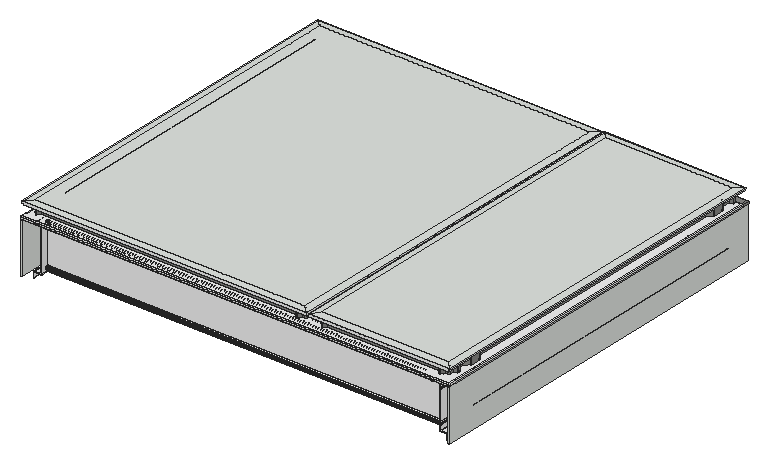
Revit family "Furniture-Mirror_Cabinet-KOHLER-ELOSIS-K-15033T", category Casework, host Face, Revit 2021
Family settings
  Host = Face
  OmniClass Number = 23.21.23.17.11
  OmniClass Title = Residential Cabinet
  Cut with Voids When Loaded = No
  Shared = No
  Room Calculation Point = No
Parameters (values of type "NA-Mild Silver")
  Width = 30"  # constant formula
  WaterSense Certified = 1 = 0  # no
  URL = "http://www.kohler.com.cn/"
  Type = 1
  Product Page URL = "https://www.kohler.com.cn/product/K-15033T-NA/K-15033T-NA/"
  Product Name = "ELOSIS"  # constant formula
  Product Documentation Link = "https://files.kohler.com.cn/pdfs/k_15033t.pdf"
  Model = if(Type = 1, "K-15033T-NA", "NA")  # "K-15033T-NA"
  Material = "Aluminium"  # constant formula
  Master Format 2014 Name = "Bathroom Casework"  # constant formula
  Master Format 2014 = "12 35 30.23"  # constant formula
  Manufacturer Address = "Kohler Beijing Office (100016) 36-2-03-B, No. 88, Liuxiang Road, Beijing"  # constant formula
  Manufacturer = "Kohler Co."  # constant formula
  Product Finish = KOHLER-Metal-NA-Mild_Silver
  Height = 26 9/64"  # constant formula
  Hardware Included = 0 = 1  # no
  Finish = "KOHLER-Metal-NA-Mild_Silver"
  Environmental Product Declaration = ""
  Description = "Mirror Cabinet 762mm"  # constant formula
  Depth = 4 13/16"  # constant formula
  Default Elevation = 60"
  Declare Label = ""
  Date Modified = "07/26/2022"  # constant formula
  Date Created = "07/26/2022"  # constant formula
  Copyright = "Copyright Kohler Co."  # constant formula
  Contact Us = "https://www.us.kohler.com/us/static/contact.jsp"
  Construction Type = "Wall Mount"  # constant formula
  Assembly Code = "E2010.30"
  ADA Compliant = 1 = 0  # no
Reference planes (in)
  plane 1 "Center (Front/Back)": y = 0
  plane 2: z = 0
  plane 3 "Center (Left/Right)": x = 0
  plane 4: y = 13.07087
  plane 5: y = -13.06976
  plane 6: x = 14.99985
  plane 7: x = -15.00015
  plane 8: x = 5.05906
  plane 9: x = 4.90144
  plane 10: x = -14.98031
  plane 11: x = 14.94094
  plane 12: z = 4.8125
  plane 13: z = 3.91089
  plane 14: z = 0.17077
  plane 15: z = 0.12996
Dimensions and locks (in)
  "Width": plane 7 to plane 6
  "Height": plane 5 to plane 4
  plane 7 to plane 9 = 19.9016"
  plane 8 to plane 6 = 9.94079"
  plane 10 to plane 11 = 29.92126"
  plane 12 to host face = 4 13/16"
  plane 12 to plane 14 = 4.64173"
  "Depth": plane 12 to level
  aligned and locked: plane 2 to host face
  aligned and locked: level to host face
Automatic sketch dimensions
  host sketch curve to host sketch curve = 96"  (x2)
Nested families (in)
  nested 1: "K-15033T" at (0, 0, 0), type "K-15033T"
Definition of nested family "K-15033T"
  Parameters
    Material = none
    Default Elevation = 0"
  Reference planes (in)
    plane 1 "Center (Front/Back)": y = 0
    plane 2: z = 0
    plane 3 "Center (Left/Right)": x = 0
    plane 4: y = 13.07087
    plane 5: y = -13.07089
    plane 6: x = 14.99985
    plane 7: x = -15
    plane 8: z = 4.81246
    plane 9: x = 4.9016
    plane 10: x = 5.05906
    plane 11: z = 0.17073
  Forms (in)
    Extrusion 1, solid, detail levels medium+fine
      sketch origin (0, 0, 0) x (1, 0, 0) y (0, 0, 1)
        loop
          line (-15.00394, 3.69435) -> (-15.00394, 0.15104)
          arc (-15.00394, 0.15104) -> (-14.94488, 0.13081) -> (-14.88583, 0.15104) r 0.09631
          line (-14.88583, 0.15104) -> (-14.88583, 3.69435)
          arc (-14.88583, 3.69435) -> (-14.94488, 3.71404) -> (-15.00394, 3.69435) r 0.09842
        loop
          arc (15.00393, 3.69435) -> (14.94488, 3.71404) -> (14.88582, 3.69435) r 0.09842
          line (14.88582, 3.69435) -> (14.88582, 0.15104)
          arc (14.88582, 0.15104) -> (14.94488, 0.13081) -> (15.00393, 0.15104) r 0.09631
          line (15.00393, 0.15104) -> (15.00393, 3.69435)
      from -13.0315 to 13.0315
    Extrusion 2, solid, material <- "Material", detail levels medium+fine
      sketch origin (0, 0, 0) x (1, 0, 0) y (0, 0, 1)
        loop
          line (-13.93701, 3.91089) -> (-14.94252, 3.91089)
          arc (-14.94252, 3.91089) -> (-14.98316, 3.89405) -> (-15, 3.8534) r 0.05748
          line (-15, 3.8534) -> (-15, 3.73518)
          arc (-15, 3.73518) -> (-14.99381, 3.72023) -> (-14.97886, 3.71404) r 0.02114
          line (-14.97886, 3.71404) -> (-14.89885, 3.71404)
          arc (-14.89885, 3.71404) -> (-14.8772, 3.73569) -> (-14.89885, 3.75734) r 0.02165
          line (-14.89885, 3.75734) -> (-14.93105, 3.75734)
          arc (-14.93105, 3.75734) -> (-14.9464, 3.7637) -> (-14.95276, 3.77905) r 0.0217
          line (-14.95276, 3.77905) -> (-14.95276, 3.84667)
          arc (-14.95276, 3.84667) -> (-14.94663, 3.86145) -> (-14.93184, 3.86758) r 0.02091
          line (-14.93184, 3.86758) -> (-14.00441, 3.86758)
          arc (-14.00441, 3.86758) -> (-13.99016, 3.86168) -> (-13.98425, 3.84743) r 0.02015
          line (-13.98425, 3.84743) -> (-13.98425, 3.255)
          arc (-13.98425, 3.255) -> (-13.99574, 3.24465) -> (-14, 3.22978) r 0.02806
          line (-14, 3.22978) -> (-14, 3.14317) -> (-13.97569, 3.12349) -> (-14, 3.1038) -> (-14, 3.01719)
          arc (-14, 3.01719) -> (-13.99635, 3.00228) -> (-13.98622, 2.99076) r 0.03223
          line (-13.98622, 2.99076) -> (-13.98622, 1.01282)
          arc (-13.98622, 1.01282) -> (-13.99636, 1.00091) -> (-14, 0.98569) r 0.0336
          line (-14, 0.98569) -> (-14, 0.89908) -> (-13.97517, 0.87967) -> (-14, 0.85971) -> (-14, 0.77309)
          arc (-14, 0.77309) -> (-13.99576, 0.7578) -> (-13.98425, 0.74687) r 0.0297
          line (-13.98425, 0.74687) -> (-13.98425, 0.43607)
          arc (-13.98425, 0.43607) -> (-13.99047, 0.42105) -> (-14.0055, 0.41482) r 0.02125
          line (-14.0055, 0.41482) -> (-14.46856, 0.41482)
          arc (-14.46856, 0.41482) -> (-14.48244, 0.40908) -> (-14.48819, 0.3952) r 0.01963
          line (-14.48819, 0.3952) -> (-14.48819, 0.02472)
          arc (-14.48819, 0.02472) -> (-14.46457, 0.0011) -> (-14.44094, 0.02472) r 0.02362
          line (-14.44094, 0.02472) -> (-14.44094, 0.34771)
          arc (-14.44094, 0.34771) -> (-14.43512, 0.36176) -> (-14.42107, 0.36758) r 0.01987
          line (-14.42107, 0.36758) -> (-13.95745, 0.36758)
          arc (-13.95745, 0.36758) -> (-13.943, 0.37357) -> (-13.93701, 0.38802) r 0.02044
          line (-13.93701, 0.38802) -> (-13.93701, 3.91089)
        loop
          line (13.93701, 3.91089) -> (13.93701, 0.38802)
          arc (13.93701, 0.38802) -> (13.943, 0.37357) -> (13.95745, 0.36758) r 0.02044
          line (13.95745, 0.36758) -> (14.42107, 0.36758)
          arc (14.42107, 0.36758) -> (14.43512, 0.36176) -> (14.44094, 0.34771) r 0.01987
          line (14.44094, 0.34771) -> (14.44094, 0.02472)
          arc (14.44094, 0.02472) -> (14.46457, 0.0011) -> (14.48819, 0.02472) r 0.02362
          line (14.48819, 0.02472) -> (14.48819, 0.3952)
          arc (14.48819, 0.3952) -> (14.48244, 0.40908) -> (14.46856, 0.41482) r 0.01963
          line (14.46856, 0.41482) -> (14.0055, 0.41482)
          arc (14.0055, 0.41482) -> (13.99047, 0.42105) -> (13.98425, 0.43607) r 0.02125
          line (13.98425, 0.43607) -> (13.98425, 0.74687)
          arc (13.98425, 0.74687) -> (13.99576, 0.7578) -> (14, 0.77309) r 0.0297
          line (14, 0.77309) -> (14, 0.85971) -> (13.97517, 0.87967) -> (14, 0.89908) -> (14, 0.98569)
          arc (14, 0.98569) -> (13.99636, 1.00091) -> (13.98622, 1.01282) r 0.0336
          line (13.98622, 1.01282) -> (13.98622, 2.99076)
          arc (13.98622, 2.99076) -> (13.99635, 3.00228) -> (14, 3.01719) r 0.03223
          line (14, 3.01719) -> (14, 3.1038) -> (13.97569, 3.12349) -> (14, 3.14317) -> (14, 3.22978)
          arc (14, 3.22978) -> (13.99574, 3.24465) -> (13.98425, 3.255) r 0.02806
          line (13.98425, 3.255) -> (13.98425, 3.84743)
          arc (13.98425, 3.84743) -> (13.99016, 3.86168) -> (14.00441, 3.86758) r 0.02015
          line (14.00441, 3.86758) -> (14.93184, 3.86758)
          arc (14.93184, 3.86758) -> (14.94663, 3.86145) -> (14.95276, 3.84667) r 0.02091
          line (14.95276, 3.84667) -> (14.95276, 3.77905)
          arc (14.95276, 3.77905) -> (14.9464, 3.7637) -> (14.93105, 3.75734) r 0.0217
          line (14.93105, 3.75734) -> (14.89885, 3.75734)
          arc (14.89885, 3.75734) -> (14.8772, 3.73569) -> (14.89885, 3.71404) r 0.02165
          line (14.89885, 3.71404) -> (14.97886, 3.71404)
          arc (14.97886, 3.71404) -> (14.99381, 3.72023) -> (15, 3.73518) r 0.02114
          line (15, 3.73518) -> (15, 3.8534)
          arc (15, 3.8534) -> (14.98316, 3.89405) -> (14.94252, 3.91089) r 0.05748
          line (14.94252, 3.91089) -> (13.93701, 3.91089)
      from -12.55906 to 12.55906
    Blend 3, solid
      base sketch origin (0, 0, 0) x (1, 0, 0) y (0, 1, 0)
        loop
          line (4.90157, 12.93307) -> (-14.98031, 12.93307) -> (-14.98031, -12.93307) -> (4.90157, -12.93307) -> (4.90157, 12.93307)
      top sketch origin (0, 0, 0) x (1, 0, 0) y (0, 1, 0)
        loop
          line (-14.48819, 12.44094) -> (-14.48819, -12.44094) -> (4.39961, -12.44094) -> (4.39961, 12.44094) -> (-14.48819, 12.44094)
      from 4.77309 to 4.81246
    Blend 4, solid
      base sketch origin (0, 0, 0) x (1, 0, 0) y (0, 1, 0)
        loop
          line (14.94094, 12.93307) -> (5.05906, 12.93307) -> (5.05906, -12.93307) -> (14.94094, -12.93307) -> (14.94094, 12.93307)
      top sketch origin (0, 0, 0) x (1, 0, 0) y (0, 1, 0)
        loop
          line (14.44094, -12.44094) -> (14.44094, 12.44094) -> (5.55118, 12.44094) -> (5.55118, -12.44094) -> (14.44094, -12.44094)
      from 4.77309 to 4.80852
    Extrusion 5, solid, material <- "Material", detail levels medium+fine
      sketch origin (0, 0, 0) x (1, 0, 0) y (0, 1, 0)
        loop
          line (-14.98031, 12.93307) -> (-14.98031, -12.93307) -> (4.90157, -12.93307) -> (4.90157, 12.93307) -> (-14.98031, 12.93307)
        loop
          line (5.05906, -12.93307) -> (14.94094, -12.93307) -> (14.94094, 12.93307) -> (5.05906, 12.93307) -> (5.05906, -12.93307)
      from 4.69435 to 4.77309
    Extrusion 6, solid, material <- "Material", detail levels medium+fine
      sketch origin (0, 0, 0) x (1, 0, 0) y (0, 1, 0)
        loop
          line (14.04542, 9.43449) -> (14.85961, 10.22075)
          arc (14.85961, 10.22075) -> (14.879, 10.24896) -> (14.88582, 10.28249) r 0.08584
          line (14.88582, 10.28249) -> (14.88582, 10.95472) -> (14.85433, 10.95472) -> (14.85433, 10.27867)
          arc (14.85433, 10.27867) -> (14.85073, 10.26096) -> (14.84049, 10.24607) r 0.04532
          line (14.84049, 10.24607) -> (14.02146, 9.45514)
          arc (14.02146, 9.45514) -> (14.00559, 9.43204) -> (14, 9.40458) r 0.0703
          line (14, 9.40458) -> (14, 9.17314)
          arc (14, 9.17314) -> (14.0062, 9.15816) -> (14.02118, 9.15196) r 0.02118
          line (14.02118, 9.15196) -> (14.07874, 9.15196) -> (14.07874, 9.18508) -> (14.0315, 9.18508) -> (14.0315, 9.40169)
          arc (14.0315, 9.40169) -> (14.03512, 9.41951) -> (14.04542, 9.43449) r 0.04559
        loop
          line (14.0315, 8.78889) -> (14.0315, 9.00409) -> (14.07874, 9.00409) -> (14.07874, 9.03718) -> (14.02224, 9.03718)
          arc (14.02224, 9.03718) -> (14.00651, 9.03067) -> (14, 9.01494) r 0.02224
          line (14, 9.01494) -> (14, 8.78915)
          arc (14, 8.78915) -> (14.00649, 8.75725) -> (14.02493, 8.73042) r 0.08165
          line (14.02493, 8.73042) -> (14.84022, 7.9431)
          arc (14.84022, 7.9431) -> (14.85066, 7.92792) -> (14.85433, 7.90987) r 0.0462
          line (14.85433, 7.90987) -> (14.85433, 7.23425) -> (14.88582, 7.23425) -> (14.88582, 7.91266)
          arc (14.88582, 7.91266) -> (14.88016, 7.94051) -> (14.86406, 7.96394) r 0.07128
          line (14.86406, 7.96394) -> (14.04657, 8.75337)
          arc (14.04657, 8.75337) -> (14.03542, 8.7696) -> (14.0315, 8.78889) r 0.04937
        loop
          arc (14.04542, -9.43449) -> (14.03512, -9.41951) -> (14.0315, -9.40169) r 0.04559
          line (14.0315, -9.40169) -> (14.0315, -9.18508) -> (14.07874, -9.18508) -> (14.07874, -9.15196) -> (14.02118, -9.15196)
          arc (14.02118, -9.15196) -> (14.0062, -9.15816) -> (14, -9.17314) r 0.02118
          line (14, -9.17314) -> (14, -9.40458)
          arc (14, -9.40458) -> (14.00559, -9.43204) -> (14.02146, -9.45514) r 0.0703
          line (14.02146, -9.45514) -> (14.84049, -10.24607)
          arc (14.84049, -10.24607) -> (14.85073, -10.26096) -> (14.85433, -10.27867) r 0.04532
          line (14.85433, -10.27867) -> (14.85433, -10.95472) -> (14.88582, -10.95472) -> (14.88582, -10.28249)
          arc (14.88582, -10.28249) -> (14.879, -10.24896) -> (14.85961, -10.22075) r 0.08584
          line (14.85961, -10.22075) -> (14.04542, -9.43449)
        loop
          arc (14.0315, -8.78889) -> (14.03542, -8.7696) -> (14.04657, -8.75337) r 0.04937
          line (14.04657, -8.75337) -> (14.86406, -7.96394)
          arc (14.86406, -7.96394) -> (14.88016, -7.94051) -> (14.88582, -7.91266) r 0.07128
          line (14.88582, -7.91266) -> (14.88582, -7.23425) -> (14.85433, -7.23425) -> (14.85433, -7.90987)
          arc (14.85433, -7.90987) -> (14.85066, -7.92792) -> (14.84022, -7.9431) r 0.0462
          line (14.84022, -7.9431) -> (14.02493, -8.73042)
          arc (14.02493, -8.73042) -> (14.00649, -8.75725) -> (14, -8.78915) r 0.08165
          line (14, -8.78915) -> (14, -9.01494)
          arc (14, -9.01494) -> (14.00651, -9.03067) -> (14.02224, -9.03718) r 0.02224
          line (14.02224, -9.03718) -> (14.07874, -9.03718) -> (14.07874, -9.00409) -> (14.0315, -9.00409) -> (14.0315, -8.78889)
        loop
          arc (-14.04542, 9.43449) -> (-14.03512, 9.41951) -> (-14.0315, 9.40169) r 0.04559
          line (-14.0315, 9.40169) -> (-14.0315, 9.18508) -> (-14.07874, 9.18508) -> (-14.07874, 9.15196) -> (-14.02118, 9.15196)
          arc (-14.02118, 9.15196) -> (-14.00621, 9.15816) -> (-14, 9.17314) r 0.02118
          line (-14, 9.17314) -> (-14, 9.40458)
          arc (-14, 9.40458) -> (-14.00559, 9.43204) -> (-14.02147, 9.45514) r 0.0703
          line (-14.02147, 9.45514) -> (-14.8405, 10.24607)
          arc (-14.8405, 10.24607) -> (-14.85073, 10.26096) -> (-14.85433, 10.27867) r 0.04532
          line (-14.85433, 10.27867) -> (-14.85433, 10.95472) -> (-14.88583, 10.95472) -> (-14.88583, 10.28249)
          arc (-14.88583, 10.28249) -> (-14.879, 10.24896) -> (-14.85962, 10.22075) r 0.08584
          line (-14.85962, 10.22075) -> (-14.04542, 9.43449)
        loop
          arc (-14.0315, 8.78889) -> (-14.03542, 8.7696) -> (-14.04657, 8.75337) r 0.04937
          line (-14.04657, 8.75337) -> (-14.86406, 7.96394)
          arc (-14.86406, 7.96394) -> (-14.88016, 7.94051) -> (-14.88583, 7.91266) r 0.07128
          line (-14.88583, 7.91266) -> (-14.88583, 7.23425) -> (-14.85433, 7.23425) -> (-14.85433, 7.90987)
          arc (-14.85433, 7.90987) -> (-14.85066, 7.92792) -> (-14.84023, 7.9431) r 0.0462
          line (-14.84023, 7.9431) -> (-14.02493, 8.73042)
          arc (-14.02493, 8.73042) -> (-14.00649, 8.75725) -> (-14, 8.78915) r 0.08165
          line (-14, 8.78915) -> (-14, 9.01494)
          arc (-14, 9.01494) -> (-14.00652, 9.03067) -> (-14.02225, 9.03718) r 0.02224
          line (-14.02225, 9.03718) -> (-14.07874, 9.03718) -> (-14.07874, 9.00409) -> (-14.0315, 9.00409) -> (-14.0315, 8.78889)
        loop
          line (-14.04542, -9.43449) -> (-14.85962, -10.22075)
          arc (-14.85962, -10.22075) -> (-14.879, -10.24896) -> (-14.88583, -10.28249) r 0.08584
          line (-14.88583, -10.28249) -> (-14.88583, -10.95472) -> (-14.85433, -10.95472) -> (-14.85433, -10.27867)
          arc (-14.85433, -10.27867) -> (-14.85073, -10.26096) -> (-14.8405, -10.24607) r 0.04532
          line (-14.8405, -10.24607) -> (-14.02147, -9.45514)
          arc (-14.02147, -9.45514) -> (-14.00559, -9.43204) -> (-14, -9.40458) r 0.0703
          line (-14, -9.40458) -> (-14, -9.17314)
          arc (-14, -9.17314) -> (-14.00621, -9.15816) -> (-14.02118, -9.15196) r 0.02118
          line (-14.02118, -9.15196) -> (-14.07874, -9.15196) -> (-14.07874, -9.18508) -> (-14.0315, -9.18508) -> (-14.0315, -9.40169)
          arc (-14.0315, -9.40169) -> (-14.03512, -9.41951) -> (-14.04542, -9.43449) r 0.04559
        loop
          line (-14.0315, -8.78889) -> (-14.0315, -9.00409) -> (-14.07874, -9.00409) -> (-14.07874, -9.03718) -> (-14.02225, -9.03718)
          arc (-14.02225, -9.03718) -> (-14.00652, -9.03067) -> (-14, -9.01494) r 0.02224
          line (-14, -9.01494) -> (-14, -8.78915)
          arc (-14, -8.78915) -> (-14.00649, -8.75725) -> (-14.02493, -8.73042) r 0.08165
          line (-14.02493, -8.73042) -> (-14.84023, -7.9431)
          arc (-14.84023, -7.9431) -> (-14.85066, -7.92792) -> (-14.85433, -7.90987) r 0.0462
          line (-14.85433, -7.90987) -> (-14.85433, -7.23425) -> (-14.88583, -7.23425) -> (-14.88583, -7.91266)
          arc (-14.88583, -7.91266) -> (-14.88016, -7.94051) -> (-14.86406, -7.96394) r 0.07128
          line (-14.86406, -7.96394) -> (-14.04657, -8.75337)
          arc (-14.04657, -8.75337) -> (-14.03542, -8.7696) -> (-14.0315, -8.78889) r 0.04937
      from 0.85971 to 3.86758
    Extrusion 7, solid, material <- "Material", detail levels medium+fine
      sketch origin (0, 0, 0) x (1, 0, 0) y (0, 1, 0)
        loop
          line (14.38189, 11.29921) -> (-14.27953, 11.29921) -> (-14.27953, -11.29921) -> (14.38189, -11.29921) -> (14.38189, 11.29921)
      from 0.24947 to 0.41482
    Extrusion 8, solid, material <- "Material", detail levels medium+fine
      sketch origin (0, 0, 0) x (0, 1, 0) y (0, 0, 1)
        loop
          line (12.00787, 3.8333) -> (12.00787, 0.53382)
          arc (12.00787, 0.53382) -> (11.97302, 0.44968) -> (11.88888, 0.41482) r 0.11899
          line (11.88888, 0.41482) -> (10.89746, 0.41482)
          arc (10.89746, 0.41482) -> (10.87384, 0.3912) -> (10.89746, 0.36758) r 0.02362
          line (10.89746, 0.36758) -> (12.0354, 0.36758)
          arc (12.0354, 0.36758) -> (12.04934, 0.37335) -> (12.05512, 0.3873) r 0.01972
          line (12.05512, 0.3873) -> (12.05512, 0.51673)
          arc (12.05512, 0.51673) -> (12.06178, 0.53015) -> (12.0765, 0.53294) r 0.01683
          arc (12.0765, 0.53294) -> (12.1333, 0.5319) -> (12.18336, 0.55877) r 0.11244
          arc (12.18336, 0.55877) -> (12.1857, 0.60126) -> (12.14332, 0.60509) r 0.03063
          arc (12.14332, 0.60509) -> (12.04724, 0.65153) -> (12.144, 0.69652) r 0.05905
          arc (12.144, 0.69652) -> (12.18653, 0.69969) -> (12.1849, 0.74231) r 0.03072
          arc (12.1849, 0.74231) -> (12.13443, 0.77014) -> (12.0768, 0.7691) r 0.11166
          arc (12.0768, 0.7691) -> (12.06189, 0.77187) -> (12.05512, 0.78544) r 0.017
          line (12.05512, 0.78544) -> (12.05512, 3.3823)
          arc (12.05512, 3.3823) -> (12.06195, 3.39602) -> (12.07702, 3.39884) r 0.0172
          arc (12.07702, 3.39884) -> (12.13454, 3.39789) -> (12.1849, 3.42569) r 0.11166
          arc (12.1849, 3.42569) -> (12.18653, 3.46831) -> (12.144, 3.47149) r 0.03072
          arc (12.144, 3.47149) -> (12.04724, 3.51648) -> (12.14332, 3.56292) r 0.05905
          arc (12.14332, 3.56292) -> (12.1857, 3.56674) -> (12.18336, 3.60924) r 0.03063
          arc (12.18336, 3.60924) -> (12.13386, 3.63597) -> (12.07761, 3.63537) r 0.11244
          arc (12.07761, 3.63537) -> (12.06211, 3.63844) -> (12.05512, 3.65261) r 0.01785
          line (12.05512, 3.65261) -> (12.05512, 3.83296)
          arc (12.05512, 3.83296) -> (12.0641, 3.85466) -> (12.0858, 3.86364) r 0.03068
          line (12.0858, 3.86364) -> (13.00368, 3.86364)
          arc (13.00368, 3.86364) -> (13.01778, 3.8578) -> (13.02362, 3.8437) r 0.01994
          line (13.02362, 3.8437) -> (13.02362, 3.76796) -> (12.97679, 3.76796) -> (12.97679, 3.73479)
          arc (12.97679, 3.73479) -> (12.98287, 3.72011) -> (12.99754, 3.71404) r 0.02075
          line (12.99754, 3.71404) -> (13.05004, 3.71404)
          arc (13.05004, 3.71404) -> (13.06476, 3.72014) -> (13.07087, 3.73487) r 0.02083
          line (13.07087, 3.73487) -> (13.07087, 3.85229)
          arc (13.07087, 3.85229) -> (13.0537, 3.89372) -> (13.01227, 3.91089) r 0.0586
          line (13.01227, 3.91089) -> (12.08546, 3.91089)
          arc (12.08546, 3.91089) -> (12.0306, 3.88816) -> (12.00787, 3.8333) r 0.07759
        loop
          arc (-12.00787, 3.8333) -> (-12.0306, 3.88816) -> (-12.08546, 3.91089) r 0.07759
          line (-12.08546, 3.91089) -> (-13.01227, 3.91089)
          arc (-13.01227, 3.91089) -> (-13.0537, 3.89372) -> (-13.07087, 3.85229) r 0.0586
          line (-13.07087, 3.85229) -> (-13.07087, 3.73487)
          arc (-13.07087, 3.73487) -> (-13.06476, 3.72014) -> (-13.05004, 3.71404) r 0.02083
          line (-13.05004, 3.71404) -> (-12.99754, 3.71404)
          arc (-12.99754, 3.71404) -> (-12.98287, 3.72011) -> (-12.97679, 3.73479) r 0.02075
          line (-12.97679, 3.73479) -> (-12.97679, 3.76796) -> (-13.02362, 3.76796) -> (-13.02362, 3.8437)
          arc (-13.02362, 3.8437) -> (-13.01778, 3.8578) -> (-13.00368, 3.86364) r 0.01994
          line (-13.00368, 3.86364) -> (-12.0858, 3.86364)
          arc (-12.0858, 3.86364) -> (-12.0641, 3.85466) -> (-12.05512, 3.83296) r 0.03068
          line (-12.05512, 3.83296) -> (-12.05512, 3.65261)
          arc (-12.05512, 3.65261) -> (-12.06211, 3.63844) -> (-12.07761, 3.63537) r 0.01785
          arc (-12.07761, 3.63537) -> (-12.13386, 3.63597) -> (-12.18336, 3.60924) r 0.11244
          arc (-12.18336, 3.60924) -> (-12.1857, 3.56674) -> (-12.14332, 3.56292) r 0.03063
          arc (-12.14332, 3.56292) -> (-12.04724, 3.51648) -> (-12.144, 3.47149) r 0.05905
          arc (-12.144, 3.47149) -> (-12.18653, 3.46831) -> (-12.1849, 3.42569) r 0.03072
          arc (-12.1849, 3.42569) -> (-12.13454, 3.39789) -> (-12.07702, 3.39884) r 0.11166
          arc (-12.07702, 3.39884) -> (-12.06195, 3.39602) -> (-12.05512, 3.3823) r 0.0172
          line (-12.05512, 3.3823) -> (-12.05512, 0.78544)
          arc (-12.05512, 0.78544) -> (-12.06189, 0.77187) -> (-12.0768, 0.7691) r 0.017
          arc (-12.0768, 0.7691) -> (-12.13443, 0.77014) -> (-12.1849, 0.74231) r 0.11166
          arc (-12.1849, 0.74231) -> (-12.18653, 0.69969) -> (-12.144, 0.69652) r 0.03072
          arc (-12.144, 0.69652) -> (-12.04724, 0.65153) -> (-12.14332, 0.60509) r 0.05905
          arc (-12.14332, 0.60509) -> (-12.1857, 0.60126) -> (-12.18336, 0.55877) r 0.03063
          arc (-12.18336, 0.55877) -> (-12.1333, 0.5319) -> (-12.0765, 0.53294) r 0.11244
          arc (-12.0765, 0.53294) -> (-12.06178, 0.53015) -> (-12.05512, 0.51673) r 0.01683
          line (-12.05512, 0.51673) -> (-12.05512, 0.3873)
          arc (-12.05512, 0.3873) -> (-12.04934, 0.37335) -> (-12.0354, 0.36758) r 0.01972
          line (-12.0354, 0.36758) -> (-10.89746, 0.36758)
          arc (-10.89746, 0.36758) -> (-10.87384, 0.3912) -> (-10.89746, 0.41482) r 0.02362
          line (-10.89746, 0.41482) -> (-11.88888, 0.41482)
          arc (-11.88888, 0.41482) -> (-11.97302, 0.44968) -> (-12.00787, 0.53382) r 0.11899
          line (-12.00787, 0.53382) -> (-12.00787, 3.8333)
      from -13.93701 to 13.93701
    Extrusion 9, solid, material <- "Material", detail levels medium+fine
      sketch origin (0, 0, 0) x (1, 0, 0) y (0, 0, 1)
        loop
          line (-13.93701, 3.72978) -> (-13.93701, 3.91089) -> (-14.94241, 3.91089)
          arc (-14.94241, 3.91089) -> (-14.98313, 3.89402) -> (-15, 3.8533) r 0.05759
          line (-15, 3.8533) -> (-15, 3.72978) -> (-13.93701, 3.72978)
        loop
          line (13.93685, 3.72978) -> (14.99985, 3.72978) -> (14.99985, 3.8533)
          arc (14.99985, 3.8533) -> (14.98298, 3.89402) -> (14.94226, 3.91089) r 0.05759
          line (14.94226, 3.91089) -> (13.93685, 3.91089) -> (13.93685, 3.72978)
      from 13.07087 to 12.55906
    Extrusion 10, solid, detail levels medium+fine
      sketch origin (0, 0, 0) x (1, 0, 0) y (0, 0, 1)
        loop
          line (-13.93701, 3.72978) -> (-13.93701, 3.91089) -> (-14.94241, 3.91089)
          arc (-14.94241, 3.91089) -> (-14.98313, 3.89402) -> (-15, 3.8533) r 0.05759
          line (-15, 3.8533) -> (-15, 3.72978) -> (-13.93701, 3.72978)
        loop
          line (13.93685, 3.71404) -> (14.99985, 3.71404) -> (14.99985, 3.8533)
          arc (14.99985, 3.8533) -> (14.98298, 3.89402) -> (14.94226, 3.91089) r 0.05759
          line (14.94226, 3.91089) -> (13.93685, 3.91089) -> (13.93685, 3.71404)
      from -12.55906 to -13.07087
    Extrusion 11, solid, material <- "Material", detail levels medium+fine
      sketch origin (0, 0, 0) x (1, 0, 0) y (0, 1, 0)
        loop
          line (5.05906, 12.93307) -> (5.05906, -12.93307) -> (14.89173, -12.93307) -> (14.89173, 12.93307) -> (5.05906, 12.93307)
        loop
          line (4.90157, 12.93307) -> (-14.89173, 12.93307) -> (-14.89173, -12.93307) -> (4.90157, -12.93307) -> (4.90157, 12.93307)
      from 4.58412 to 4.69435
    Extrusion 12, solid, detail levels medium+fine
      sketch origin (0, 0, 0) x (1, 0, 0) y (0, 1, 0)
        loop
          arc (-14.16339, -12.78513) -> (-14.11417, -12.83434) -> (-14.06496, -12.78513) r 0.04921
          line (-14.06496, -12.78513) -> (-14.06496, -12.44094) -> (4.06496, -12.44094) -> (4.06496, -12.78655)
          arc (4.06496, -12.78655) -> (4.11417, -12.83576) -> (4.16339, -12.78655) r 0.04921
          line (4.16339, -12.78655) -> (4.16339, -12.44094) -> (4.40191, -12.44094)
          arc (4.40191, -12.44094) -> (4.46988, -12.41279) -> (4.49803, -12.34483) r 0.09612
          line (4.49803, -12.34483) -> (4.49803, -12.1063) -> (4.84304, -12.1063)
          arc (4.84304, -12.1063) -> (4.89225, -12.05709) -> (4.84304, -12.00788) r 0.04921
          line (4.84304, -12.00788) -> (4.49803, -12.00788) -> (4.49803, 12.00787) -> (4.84577, 12.00787)
          arc (4.84577, 12.00787) -> (4.89498, 12.05709) -> (4.84577, 12.1063) r 0.04921
          line (4.84577, 12.1063) -> (4.49803, 12.1063) -> (4.49803, 12.34429)
          arc (4.49803, 12.34429) -> (4.46972, 12.41264) -> (4.40138, 12.44094) r 0.09666
          line (4.40138, 12.44094) -> (4.16339, 12.44094) -> (4.16339, 12.78624)
          arc (4.16339, 12.78624) -> (4.11417, 12.83545) -> (4.06496, 12.78624) r 0.04921
          line (4.06496, 12.78624) -> (4.06496, 12.44094) -> (-14.06496, 12.44094) -> (-14.06496, 12.78621)
          arc (-14.06496, 12.78621) -> (-14.11417, 12.83542) -> (-14.16339, 12.78621) r 0.04921
          line (-14.16339, 12.78621) -> (-14.16339, 12.44094) -> (-14.40118, 12.44094)
          arc (-14.40118, 12.44094) -> (-14.46966, 12.41258) -> (-14.49803, 12.34409) r 0.09685
          line (-14.49803, 12.34409) -> (-14.49803, 12.1063) -> (-14.84261, 12.1063)
          arc (-14.84261, 12.1063) -> (-14.89182, 12.05709) -> (-14.84261, 12.00787) r 0.04921
          line (-14.84261, 12.00787) -> (-14.48819, 12.00787) -> (-14.48819, -12.00787) -> (-14.84229, -12.00787)
          arc (-14.84229, -12.00787) -> (-14.8915, -12.05709) -> (-14.84229, -12.1063) r 0.04921
          line (-14.84229, -12.1063) -> (-14.49803, -12.1063) -> (-14.49803, -12.3421)
          arc (-14.49803, -12.3421) -> (-14.46908, -12.412) -> (-14.39919, -12.44094) r 0.09884
          line (-14.39919, -12.44094) -> (-14.16339, -12.44094) -> (-14.16339, -12.78513)
        loop
          line (14.16323, -12.78513) -> (14.16323, -12.44094) -> (14.39904, -12.44094)
          arc (14.39904, -12.44094) -> (14.46893, -12.412) -> (14.49788, -12.3421) r 0.09884
          line (14.49788, -12.3421) -> (14.49788, -12.1063) -> (14.84214, -12.1063)
          arc (14.84214, -12.1063) -> (14.89135, -12.05709) -> (14.84214, -12.00787) r 0.04921
          line (14.84214, -12.00787) -> (14.48804, -12.00787) -> (14.48804, 12.00787) -> (14.84216, 12.00787)
          arc (14.84216, 12.00787) -> (14.89137, 12.05709) -> (14.84216, 12.1063) r 0.04921
          line (14.84216, 12.1063) -> (14.49788, 12.1063) -> (14.49788, 12.34409)
          arc (14.49788, 12.34409) -> (14.46951, 12.41258) -> (14.40102, 12.44094) r 0.09685
          line (14.40102, 12.44094) -> (14.16323, 12.44094) -> (14.16323, 12.78621)
          arc (14.16323, 12.78621) -> (14.11402, 12.83542) -> (14.06481, 12.78621) r 0.04921
          line (14.06481, 12.78621) -> (14.06481, 12.44094) -> (5.9372, 12.44094) -> (5.9372, 12.78624)
          arc (5.9372, 12.78624) -> (5.88799, 12.83545) -> (5.83878, 12.78624) r 0.04921
          line (5.83878, 12.78624) -> (5.83878, 12.44094) -> (5.59849, 12.44094)
          arc (5.59849, 12.44094) -> (5.53177, 12.41331) -> (5.50413, 12.34659) r 0.09436
          line (5.50413, 12.34659) -> (5.50413, 12.1063) -> (5.15639, 12.1063)
          arc (5.15639, 12.1063) -> (5.10718, 12.05709) -> (5.15639, 12.00787) r 0.04921
          line (5.15639, 12.00787) -> (5.50413, 12.00787) -> (5.50413, -12.00788) -> (5.15912, -12.00788)
          arc (5.15912, -12.00788) -> (5.10991, -12.05709) -> (5.15912, -12.1063) r 0.04921
          line (5.15912, -12.1063) -> (5.50413, -12.1063) -> (5.50413, -12.34483)
          arc (5.50413, -12.34483) -> (5.53228, -12.41279) -> (5.60025, -12.44094) r 0.09612
          line (5.60025, -12.44094) -> (5.83878, -12.44094) -> (5.83878, -12.78655)
          arc (5.83878, -12.78655) -> (5.88799, -12.83576) -> (5.9372, -12.78655) r 0.04921
          line (5.9372, -12.78655) -> (5.9372, -12.44094) -> (14.06481, -12.44094) -> (14.06481, -12.78513)
          arc (14.06481, -12.78513) -> (14.11402, -12.83434) -> (14.16323, -12.78513) r 0.04921
      from 4.04868 to 4.58412
    Extrusion 13, solid, detail levels medium+fine
      sketch origin (0, 0, 0) x (1, 0, 0) y (0, 1, 0)
        loop
          arc (14.38189, 9.87118) -> (14.61415, 10.00879) -> (14.78654, 10.21654) r 0.79036
          line (14.78654, 10.21654) -> (14.87164, 10.21654)
          arc (14.87164, 10.21654) -> (14.88585, 10.22242) -> (14.89173, 10.23663) r 0.02009
          line (14.89173, 10.23663) -> (14.89173, 10.98301)
          arc (14.89173, 10.98301) -> (14.8856, 10.99781) -> (14.87081, 11.00394) r 0.02093
          line (14.87081, 11.00394) -> (14.78624, 11.00394)
          arc (14.78624, 11.00394) -> (14.61392, 11.21135) -> (14.38189, 11.34876) r 0.79036
          line (14.38189, 11.34876) -> (14.38189, 10.82677) -> (14.72441, 10.82677) -> (14.72441, 10.3937) -> (14.38189, 10.3937) -> (14.38189, 9.87118)
        loop
          line (14.38189, -9.87118) -> (14.38189, -10.3937) -> (14.72381, -10.3937) -> (14.72381, -10.82677) -> (14.38189, -10.82677) -> (14.38189, -11.34876)
          arc (14.38189, -11.34876) -> (14.61392, -11.21135) -> (14.78624, -11.00394) r 0.79036
          line (14.78624, -11.00394) -> (14.87081, -11.00394)
          arc (14.87081, -11.00394) -> (14.8856, -10.99781) -> (14.89173, -10.98301) r 0.02093
          line (14.89173, -10.98301) -> (14.89173, -10.23663)
          arc (14.89173, -10.23663) -> (14.88585, -10.22242) -> (14.87164, -10.21654) r 0.02009
          line (14.87164, -10.21654) -> (14.78654, -10.21654)
          arc (14.78654, -10.21654) -> (14.61415, -10.00879) -> (14.38189, -9.87118) r 0.79036
        loop
          line (-14.38174, 9.87118) -> (-14.38174, 10.3937) -> (-14.72441, 10.3937) -> (-14.72441, 10.82677) -> (-14.38174, 10.82677) -> (-14.38174, 11.34876)
          arc (-14.38174, 11.34876) -> (-14.61376, 11.21135) -> (-14.78609, 11.00394) r 0.79036
          line (-14.78609, 11.00394) -> (-14.87065, 11.00394)
          arc (-14.87065, 11.00394) -> (-14.88545, 10.99781) -> (-14.89158, 10.98301) r 0.02093
          line (-14.89158, 10.98301) -> (-14.89158, 10.23663)
          arc (-14.89158, 10.23663) -> (-14.88569, 10.22242) -> (-14.87149, 10.21654) r 0.02009
          line (-14.87149, 10.21654) -> (-14.78639, 10.21654)
          arc (-14.78639, 10.21654) -> (-14.61399, 10.00879) -> (-14.38174, 9.87118) r 0.79036
        loop
          arc (-14.38174, -9.87118) -> (-14.61399, -10.00879) -> (-14.78639, -10.21654) r 0.79036
          line (-14.78639, -10.21654) -> (-14.87149, -10.21654)
          arc (-14.87149, -10.21654) -> (-14.88569, -10.22242) -> (-14.89158, -10.23663) r 0.02009
          line (-14.89158, -10.23663) -> (-14.89158, -10.98301)
          arc (-14.89158, -10.98301) -> (-14.88545, -10.99781) -> (-14.87065, -11.00394) r 0.02093
          line (-14.87065, -11.00394) -> (-14.78609, -11.00394)
          arc (-14.78609, -11.00394) -> (-14.61376, -11.21135) -> (-14.38174, -11.34876) r 0.79036
          line (-14.38174, -11.34876) -> (-14.38174, -10.82677) -> (-14.72441, -10.82677) -> (-14.72441, -10.3937) -> (-14.38174, -10.3937) -> (-14.38174, -9.87118)
      from 4.16701 to 4.69435
    Extrusion 14, solid, material <- "Material", detail levels medium+fine
      sketch origin (0, 0, 0) x (1, 0, 0) y (0, 0, 1)
        loop
          line (-13.87795, 3.14317) -> (-13.87795, 3.96994) -> (-13.91611, 3.96994)
          arc (-13.91611, 3.96994) -> (-13.98386, 3.9913) -> (-14.0271, 4.04766) r 0.11811
          line (-14.0271, 4.04766) -> (-14.17572, 4.456)
          arc (-14.17572, 4.456) -> (-14.20966, 4.50447) -> (-14.26328, 4.52947) r 0.1143
          line (-14.26328, 4.52947) -> (-14.59734, 4.58838)
          arc (-14.59734, 4.58838) -> (-14.68786, 4.40064) -> (-14.51262, 4.51347) r 0.10827
          line (-14.51262, 4.51347) -> (-14.27446, 4.47148)
          arc (-14.27446, 4.47148) -> (-14.24778, 4.45904) -> (-14.2309, 4.43492) r 0.05687
          line (-14.2309, 4.43492) -> (-14.04016, 3.91089) -> (-13.93701, 3.91089) -> (-13.93701, 3.06687)
          arc (-13.93701, 3.06687) -> (-13.89444, 3.09493) -> (-13.87795, 3.14317) r 0.07882
        loop
          arc (13.87795, 3.14317) -> (13.89444, 3.09493) -> (13.93701, 3.06687) r 0.07882
          line (13.93701, 3.06687) -> (13.93701, 3.91089) -> (14.04016, 3.91089) -> (14.2309, 4.43492)
          arc (14.2309, 4.43492) -> (14.24778, 4.45904) -> (14.27446, 4.47148) r 0.05687
          line (14.27446, 4.47148) -> (14.51262, 4.51347)
          arc (14.51262, 4.51347) -> (14.68786, 4.40064) -> (14.59734, 4.58838) r 0.10827
          line (14.59734, 4.58838) -> (14.26328, 4.52947)
          arc (14.26328, 4.52947) -> (14.20966, 4.50447) -> (14.17572, 4.456) r 0.1143
          line (14.17572, 4.456) -> (14.0271, 4.04766)
          arc (14.0271, 4.04766) -> (13.98386, 3.9913) -> (13.91611, 3.96994) r 0.11811
          line (13.91611, 3.96994) -> (13.87795, 3.96994) -> (13.87795, 3.14317)
      from 10.3937 to 10.82677
    Extrusion 15, solid, material <- "Material", detail levels medium+fine
      sketch origin (0, 0, 0) x (1, 0, 0) y (0, 0, 1)
        loop
          line (-13.87795, 3.14317) -> (-13.87795, 3.96994) -> (-13.91611, 3.96994)
          arc (-13.91611, 3.96994) -> (-13.98386, 3.9913) -> (-14.0271, 4.04766) r 0.11811
          line (-14.0271, 4.04766) -> (-14.17572, 4.456)
          arc (-14.17572, 4.456) -> (-14.20966, 4.50447) -> (-14.26328, 4.52947) r 0.1143
          line (-14.26328, 4.52947) -> (-14.59734, 4.58838)
          arc (-14.59734, 4.58838) -> (-14.68786, 4.40064) -> (-14.51262, 4.51347) r 0.10827
          line (-14.51262, 4.51347) -> (-14.27446, 4.47148)
          arc (-14.27446, 4.47148) -> (-14.24778, 4.45904) -> (-14.2309, 4.43492) r 0.05687
          line (-14.2309, 4.43492) -> (-14.04016, 3.91089) -> (-13.93701, 3.91089) -> (-13.93701, 3.06687)
          arc (-13.93701, 3.06687) -> (-13.89444, 3.09493) -> (-13.87795, 3.14317) r 0.07882
        loop
          arc (13.87795, 3.14317) -> (13.89444, 3.09493) -> (13.93701, 3.06687) r 0.07882
          line (13.93701, 3.06687) -> (13.93701, 3.91089) -> (14.04016, 3.91089) -> (14.2309, 4.43492)
          arc (14.2309, 4.43492) -> (14.24778, 4.45904) -> (14.27446, 4.47148) r 0.05687
          line (14.27446, 4.47148) -> (14.51262, 4.51347)
          arc (14.51262, 4.51347) -> (14.68786, 4.40064) -> (14.59734, 4.58838) r 0.10827
          line (14.59734, 4.58838) -> (14.26328, 4.52947)
          arc (14.26328, 4.52947) -> (14.20966, 4.50447) -> (14.17572, 4.456) r 0.1143
          line (14.17572, 4.456) -> (14.0271, 4.04766)
          arc (14.0271, 4.04766) -> (13.98386, 3.9913) -> (13.91611, 3.96994) r 0.11811
          line (13.91611, 3.96994) -> (13.87795, 3.96994) -> (13.87795, 3.14317)
      from -10.3937 to -10.82677
    Extrusion 16, solid, material <- "Material", detail levels medium+fine
      sketch origin (0, 0, 0) x (1, 0, 0) y (0, 0, 1)
        loop
          line (11.52559, 4.04868) -> (5.99409, 4.04868) -> (5.99409, 3.91089) -> (11.52559, 3.91089) -> (11.52559, 4.04868)
        loop
          line (-11.52559, 4.04868) -> (-11.52559, 3.91473) -> (4.00591, 3.91473) -> (4.00591, 4.04868) -> (-11.52559, 4.04868)
      from -11.94882 to 11.94882
    Extrusion 17, void
      sketch origin (0, 0, 0) x (0, 1, 0) y (0, 0, 1)
        loop
          line (13.07087, 3.91089) -> (13.01227, 3.91089)
          arc (13.01227, 3.91089) -> (13.0537, 3.89372) -> (13.07087, 3.85229) r 0.0586
          line (13.07087, 3.85229) -> (13.07087, 3.91089)
      from -16.83946 to 15.53394
    Extrusion 18, void
      sketch origin (0, 0, 0) x (0, 1, 0) y (0, 0, 1)
        loop
          arc (12.82632, 4.20574) -> (12.81399, 4.16943) -> (12.78211, 4.14812) r 0.05965
          line (12.78211, 4.14812) -> (12.30548, 4.02041) -> (13.19078, 4.02041) -> (13.19078, 4.58412) -> (12.82632, 4.58412) -> (12.82632, 4.20574)
        loop
          line (-12.82632, 4.20574) -> (-12.82632, 4.58412) -> (-13.19078, 4.58412) -> (-13.19078, 4.02041) -> (-12.30548, 4.02041) -> (-12.78211, 4.14812)
          arc (-12.78211, 4.14812) -> (-12.81399, 4.16943) -> (-12.82632, 4.20574) r 0.05965
      from -14.95276 to 15.33963
    Extrusion 19, void
      sketch origin (0, 0, 0) x (1, 0, 0) y (0, 0, 1)
        loop
          arc (14.8622, 4.20364) -> (14.84991, 4.16744) -> (14.81812, 4.1462) r 0.05948
          line (14.81812, 4.1462) -> (14.28114, 4.00231) -> (15.32957, 4.00231) -> (15.32957, 4.68993) -> (14.8622, 4.68993) -> (14.8622, 4.20364)
        loop
          line (-14.86713, 4.27207) -> (-14.86713, 4.69435) -> (-15.22721, 4.69435) -> (-15.22721, 4.00811) -> (-14.27773, 4.00811) -> (-14.76471, 4.13859)
          arc (-14.76471, 4.13859) -> (-14.83857, 4.18795) -> (-14.86713, 4.27207) r 0.13818
      from -13.46524 to 14.05311
    Extrusion 20, void
      sketch origin (0, 0, 0) x (0, -1, 0) y (0, 0, -1)
        loop
          line (13.07087, -3.91089) -> (13.07087, -3.85229)
          arc (13.07087, -3.85229) -> (13.0537, -3.89372) -> (13.01227, -3.91089) r 0.0586
          line (13.01227, -3.91089) -> (13.07087, -3.91089)
      from -16.83946 to 15.53394
    Extrusion 21, void
      sketch origin (0, 0, 0) x (1, 0, 0) y (0, 0, 1)
        loop
          line (4.87699, 4.58412) -> (4.87699, 4.19674)
          arc (4.87699, 4.19674) -> (4.86446, 4.15984) -> (4.83205, 4.13818) r 0.06063
          line (4.83205, 4.13818) -> (4.49803, 4.04868) -> (5.50197, 4.04868) -> (5.16405, 4.13923)
          arc (5.16405, 4.13923) -> (5.13426, 4.15913) -> (5.12274, 4.19306) r 0.05573
          line (5.12274, 4.19306) -> (5.12274, 4.58412) -> (4.87699, 4.58412)
      from -16.2898 to 13.58621
    Extrusion 22, solid, material <- "Material", detail levels coarse
      sketch origin (0, 0, 0) x (1, 0, 0) y (0, 1, 0)
        loop
          line (-14.98031, 12.93307) -> (-14.98031, -12.93307) -> (14.94094, -12.93307) -> (14.94094, 12.93307) -> (-14.98031, 12.93307)
      from 0 to 4.77309
  Cuts and joins
    Extrusion 20 cuts Extrusion 2
    Extrusion 20 cuts Extrusion 7
    Extrusion 20 cuts Extrusion 8
    Extrusion 20 cuts Extrusion 9
    joined: Extrusion 2, Extrusion 5, Extrusion 7, Extrusion 8, Extrusion 9, Extrusion 11, Extrusion 16
    Extrusion 17, Extrusion 20 cuts Extrusion 10
    Extrusion 18, Extrusion 19, Extrusion 21 cuts Extrusion 12
  Lines and regions (in)
    Masking region 1
      outline origin (0, 0, 0) x (1, 0, 0) y (0, 1, 0)
        loop
          line (14.99985, 13.07087) -> (-15, 13.07087) -> (-15, -13.07087) -> (14.99985, -13.07087) -> (14.99985, 13.07087)
    Masking region 2
      outline origin (0, 0, 0) x (1, 0, 0) y (0, 0, 1)
        loop
          line (-14.48819, 4.81246) -> (-14.98031, 4.77309) -> (-14.98031, 4.69435) -> (-14.89173, 4.69435) -> (-14.89173, 4.1998)
          arc (-14.89173, 4.1998) -> (-14.87944, 4.1636) -> (-14.84766, 4.14236) r 0.05946
          line (-14.84766, 4.14236) -> (-14.49803, 4.04868) -> (-14.18307, 4.04868)
          arc (-14.18307, 4.04868) -> (-14.17731, 4.03476) -> (-14.16339, 4.029) r 0.01969
          line (-14.16339, 4.029) -> (-14.08315, 4.029) -> (-14.04016, 3.91089) -> (-14.94082, 3.91089)
          arc (-14.94082, 3.91089) -> (-14.98323, 3.89332) -> (-15.00079, 3.85092) r 0.05997
          line (-15.00079, 3.85092) -> (-15.00079, 3.73601)
          arc (-15.00079, 3.73601) -> (-14.99481, 3.72156) -> (-14.98035, 3.71557) r 0.02044
          line (-14.98035, 3.71557) -> (-14.91732, 3.71557)
          arc (-14.91732, 3.71557) -> (-14.9006, 3.7193) -> (-14.88704, 3.72978) r 0.03937
          line (-14.88704, 3.72978) -> (-14.85433, 3.72978) -> (-14.85433, 0.85971) -> (-14, 0.85971) -> (-14, 0.77309)
          arc (-14, 0.77309) -> (-13.99577, 0.75751) -> (-13.98425, 0.7462) r 0.03084
          line (-13.98425, 0.7462) -> (-13.98425, 0.43516)
          arc (-13.98425, 0.43516) -> (-13.99021, 0.42078) -> (-14.00459, 0.41482) r 0.02033
          line (-14.00459, 0.41482) -> (-14.46729, 0.41482)
          arc (-14.46729, 0.41482) -> (-14.48207, 0.4087) -> (-14.48819, 0.39393) r 0.02089
          line (-14.48819, 0.39393) -> (-14.48819, 0.024)
          arc (-14.48819, 0.024) -> (-14.46457, 0.00038) -> (-14.44094, 0.024) r 0.02362
          line (-14.44094, 0.024) -> (-14.44094, 0.34709)
          arc (-14.44094, 0.34709) -> (-14.43494, 0.36158) -> (-14.42045, 0.36758) r 0.02049
          line (-14.42045, 0.36758) -> (-14.27953, 0.36758) -> (-14.27953, 0.24947) -> (-13.93701, 0.24947) -> (-13.93701, 0.17073) -> (0, 0.17073) -> (13.93701, 0.17073) -> (13.93701, 0.24947) -> (14.38189, 0.24947) -> (14.38189, 0.36758) -> (14.42045, 0.36758)
          arc (14.42045, 0.36758) -> (14.43494, 0.36158) -> (14.44094, 0.34709) r 0.02049
          line (14.44094, 0.34709) -> (14.44094, 0.024)
          arc (14.44094, 0.024) -> (14.46457, 0.00038) -> (14.48819, 0.024) r 0.02362
          line (14.48819, 0.024) -> (14.48819, 0.39393)
          arc (14.48819, 0.39393) -> (14.48207, 0.4087) -> (14.46729, 0.41482) r 0.02089
          line (14.46729, 0.41482) -> (14.00459, 0.41482)
          arc (14.00459, 0.41482) -> (13.99021, 0.42078) -> (13.98425, 0.43516) r 0.02033
          line (13.98425, 0.43516) -> (13.98425, 0.7462)
          arc (13.98425, 0.7462) -> (13.99577, 0.75751) -> (14, 0.77309) r 0.03084
          line (14, 0.77309) -> (14, 0.85971) -> (14.85433, 0.85971) -> (14.85433, 3.72978) -> (14.88839, 3.72978)
          arc (14.88839, 3.72978) -> (14.90153, 3.72042) -> (14.91732, 3.71711) r 0.03937
          line (14.91732, 3.71711) -> (14.98035, 3.71711)
          arc (14.98035, 3.71711) -> (14.99481, 3.7231) -> (15.00079, 3.73755) r 0.02044
          line (15.00079, 3.73755) -> (15.00079, 3.85092)
          arc (15.00079, 3.85092) -> (14.98323, 3.89332) -> (14.94082, 3.91089) r 0.05997
          line (14.94082, 3.91089) -> (14.04016, 3.91089) -> (14.08315, 4.029) -> (14.16339, 4.029)
          arc (14.16339, 4.029) -> (14.17731, 4.03476) -> (14.18307, 4.04868) r 0.01969
          line (14.18307, 4.04868) -> (14.49803, 4.04868) -> (14.84766, 4.14236)
          arc (14.84766, 4.14236) -> (14.87944, 4.1636) -> (14.89173, 4.1998) r 0.05946
          line (14.89173, 4.1998) -> (14.89173, 4.69435) -> (14.98031, 4.69435) -> (14.98031, 4.77309) -> (14.48819, 4.81246) -> (5.60586, 4.81246) -> (5.05906, 4.77309) -> (5.05906, 4.58412) -> (5.10827, 4.58412) -> (5.10827, 4.19971)
          arc (5.10827, 4.19971) -> (5.12058, 4.16343) -> (5.15244, 4.14215) r 0.05959
          line (5.15244, 4.14215) -> (5.50126, 4.04868) -> (5.96369, 4.04868)
          arc (5.96369, 4.04868) -> (5.98519, 4.03978) -> (5.99409, 4.01828) r 0.0304
          line (5.99409, 4.01828) -> (5.99409, 3.94041)
          arc (5.99409, 3.94041) -> (6.00274, 3.91953) -> (6.02362, 3.91089) r 0.02953
          line (6.02362, 3.91089) -> (3.97347, 3.91089)
          arc (3.97347, 3.91089) -> (3.99647, 3.92105) -> (4.00591, 3.94435) r 0.03348
          line (4.00591, 3.94435) -> (4.00591, 4.02085)
          arc (4.00591, 4.02085) -> (4.01406, 4.04053) -> (4.03373, 4.04868) r 0.02783
          line (4.03373, 4.04868) -> (4.49803, 4.04868) -> (4.84876, 4.14441)
          arc (4.84876, 4.14441) -> (4.87754, 4.16378) -> (4.88866, 4.19665) r 0.05415
          line (4.88866, 4.19665) -> (4.88866, 4.58412) -> (4.92197, 4.58412) -> (4.92197, 4.77222) -> (4.40883, 4.81246) -> (-14.48819, 4.81246)
        loop
          line (-15.00086, 3.69642) -> (-15.00086, 0.15104)
          arc (-15.00086, 0.15104) -> (-14.94334, 0.12943) -> (-14.88583, 0.15104) r 0.08732
          line (-14.88583, 0.15104) -> (-14.88583, 3.69642)
          arc (-14.88583, 3.69642) -> (-14.94334, 3.70852) -> (-15.00086, 3.69642) r 0.14281
        loop
          arc (15.00086, 3.69642) -> (14.94334, 3.7083) -> (14.88583, 3.69642) r 0.1452
          line (14.88583, 3.69642) -> (14.88583, 0.15104)
          arc (14.88583, 0.15104) -> (14.94334, 0.12943) -> (15.00086, 0.15104) r 0.08732
          line (15.00086, 0.15104) -> (15.00086, 3.69642)
    Masking region 3
      outline origin (0, 0, 0) x (0, 1, 0) y (0, 0, 1)
        loop
          line (12.93307, 4.77309) -> (12.44094, 4.81246) -> (-12.44094, 4.81246) -> (-12.93307, 4.77309) -> (-12.93307, 4.69041) -> (-12.83465, 4.69041) -> (-12.83465, 4.20204)
          arc (-12.83465, 4.20204) -> (-12.82175, 4.16407) -> (-12.78841, 4.14178) r 0.06238
          line (-12.78841, 4.14178) -> (-12.44094, 4.04868) -> (-11.97851, 4.04868)
          arc (-11.97851, 4.04868) -> (-11.95751, 4.03999) -> (-11.94882, 4.01899) r 0.02969
          line (-11.94882, 4.01899) -> (-11.94882, 3.94435)
          arc (-11.94882, 3.94435) -> (-11.94143, 3.92305) -> (-11.92244, 3.91089) r 0.03442
          line (-11.92244, 3.91089) -> (-13.01117, 3.91089)
          arc (-13.01117, 3.91089) -> (-13.05394, 3.89317) -> (-13.07166, 3.8504) r 0.06048
          line (-13.07166, 3.8504) -> (-13.07166, 3.71404) -> (-13.0315, 3.71404) -> (-13.0315, 0.13136) -> (-12.55905, 0.13136) -> (-12.55905, 0) -> (12.55906, 0) -> (12.55906, 0.13136) -> (13.0315, 0.13136) -> (13.0315, 3.71404) -> (13.07087, 3.71404) -> (13.07087, 3.85336)
          arc (13.07087, 3.85336) -> (13.05402, 3.89404) -> (13.01334, 3.91089) r 0.05752
          line (13.01334, 3.91089) -> (12.55906, 3.91089) -> (11.92521, 3.91089)
          arc (11.92521, 3.91089) -> (11.94232, 3.92387) -> (11.94882, 3.94435) r 0.03552
          line (11.94882, 3.94435) -> (11.94882, 4.02051)
          arc (11.94882, 4.02051) -> (11.95707, 4.04043) -> (11.97699, 4.04868) r 0.02817
          line (11.97699, 4.04868) -> (12.44094, 4.04868) -> (12.79028, 4.14229)
          arc (12.79028, 4.14229) -> (12.82228, 4.16366) -> (12.83465, 4.2001) r 0.05985
          line (12.83465, 4.2001) -> (12.83465, 4.69041) -> (12.93307, 4.69041) -> (12.93307, 4.77309)
    symbolic lines, detail levels medium+fine
      curve 1: line (5.55118, 12.44094, 0) -> (5.55118, -12.44094, 0)
      curve 2: line (5.05906, 12.93307, 0) -> (5.05906, -12.93307, 0)
      curve 3: line (4.39961, -12.44094, 0) -> (4.39961, 12.44094, 0)
      curve 4: line (4.90157, -12.93307, 0) -> (4.90157, 12.93307, 0)
      curve 5: line (14.94094, 12.93307, 0) -> (5.05906, 12.93307, 0)
      curve 6: line (14.44094, 12.44094, 0) -> (5.55118, 12.44094, 0)
      curve 7: line (4.90157, 12.93307, 0) -> (-14.98031, 12.93307, 0)
      curve 8: line (4.39961, 12.44094, 0) -> (-14.48819, 12.44094, 0)
      curve 9: line (-14.98031, 12.93307, 0) -> (-14.98031, -12.93307, 0)
      curve 10: line (-14.48819, -12.44094, 0) -> (-14.48819, 12.44094, 0)
      curve 11: line (-14.48819, -12.44094, 0) -> (4.39961, -12.44094, 0)
      curve 12: line (-14.98031, -12.93307, 0) -> (4.90157, -12.93307, 0)
      curve 13: line (5.55118, -12.44094, 0) -> (14.44094, -12.44094, 0)
      curve 14: line (5.05906, -12.93307, 0) -> (14.94094, -12.93307, 0)
      curve 15: line (14.44094, -12.44094, 0) -> (14.44094, 12.44094, 0)
      curve 16: line (14.94094, -12.93307, 0) -> (14.94094, 13.01181, 0)
      curve 17: line (14.94094, 12.93307, 0) -> (14.44094, 12.44094, 0)
      curve 18: line (5.55118, 12.44094, 0) -> (5.05906, 12.93307, 0)
      curve 19: line (4.90157, 12.93307, 0) -> (4.39961, 12.44094, 0)
      curve 20: line (14.94094, -12.93307, 0) -> (14.44094, -12.44094, 0)
      curve 21: line (5.05906, -12.93307, 0) -> (5.55118, -12.44094, 0)
      curve 22: line (4.90157, -12.93307, 0) -> (4.39961, -12.44094, 0)
      curve 23: line (-14.98031, -12.93307, 0) -> (-14.48819, -12.44094, 0)
      curve 24: line (-14.48819, 12.44094, 0) -> (-14.98031, 12.93307, 0)
      curve 25: line (-14.94094, 13.01181, 0) -> (14.94094, 13.01181, 0)
      curve 26: line (-14.94094, -13.01181, 0) -> (-14.94094, -12.93307, 0)
      curve 27: line (-13.93701, -13.01181, 0) -> (-14.94094, -13.01181, 0)
      curve 28: line (13.93701, -13.01181, 0) -> (-13.93701, -13.01181, 0)
      curve 29: line (14.94094, -12.55906, 0) -> (14.94094, -13.01181, 0)
      curve 30: line (14.94094, -13.01181, 0) -> (13.93701, -13.01181, 0)
      curve 31: line (-14.94094, 12.93307, 0) -> (-14.94094, 13.01181, 0)
      curve 32: line (4.90157, -12.05512, 0) -> (5.05906, -12.05512, 0)
      curve 33: line (5.05906, -11.88976, 0) -> (4.90157, -11.88976, 0)
      curve 34: line (5.05906, -12.08661, 0) -> (4.90157, -12.08661, 0)
      curve 35: line (5.05906, -10.8976, 0) -> (4.90157, -10.8976, 0)
      curve 36: line (4.90157, -5.65748, 0) -> (5.05906, -5.65748, 0)
      curve 37: line (4.90157, -5.8937, 0) -> (5.05906, -5.8937, 0)
      curve 38: line (4.90157, 0.1063, 0) -> (5.05906, 0.1063, 0)
      curve 39: line (4.90157, 0.34252, 0) -> (5.05906, 0.34252, 0)
      curve 40: line (5.05906, 12.05512, 0) -> (4.90157, 12.05512, 0)
      curve 41: line (4.90157, 12.00787, 0) -> (5.05906, 12.00787, 0)
      curve 42: line (4.90157, 11.88976, 0) -> (5.05906, 11.88976, 0)
      curve 43: line (-14.98031, 0, 4.77309) -> (4.92185, 0, 4.77309)
      curve 44: line (-14.89173, 0, 4.69435) -> (4.92197, 0, 4.69435)
      curve 45: line (-14.16339, 0, 4.029) -> (-13.43504, 0, 4.029)
      curve 46: line (-14.83714, 0, 4.17011) -> (-14.49803, 0, 4.07874)
      curve 47: line (-14.8622, 0, 4.58412) -> (-14.8622, 0, 4.20282)
      curve 48: line (-14.49647, 0, 4.07874) -> (-14.16339, 0, 4.07874)
      curve 49: line (-14.49803, 0, 4.07874) -> (-14.49803, 0, 4.58412)
      curve 50: line (-14.39961, 0, 4.58412) -> (-14.39961, 0, 4.04868)
      curve 51: line (-14.16339, 0, 4.07874) -> (-14.16339, 0, 4.58412)
      curve 52: line (-14.06496, 0, 4.07874) -> (-14.06496, 0, 4.58412)
      curve 53: line (-14.8622, 0, 4.58412) -> (-14.16339, 0, 4.58412)
      curve 54: line (-14.13386, 0, 4.61364) -> (-14.89173, 0, 4.61364)
      curve 55: line (-14.09449, 0, 4.04868) -> (-14.09449, 0, 4.61364)
      curve 56: line (-14.13386, 0, 4.61364) -> (-14.13386, 0, 4.04868)
      curve 57: line (-14.09449, 0, 4.61364) -> (4.92197, 0, 4.61364)
      curve 58: line (-14.06496, 0, 4.58412) -> (4.88866, 0, 4.58412)
      curve 59: line (4.06496, 0, 4.07874) -> (-14.06496, 0, 4.07874)
      curve 60: line (-14.18307, 0, 4.04868) -> (4.03373, 0, 4.04868)
      curve 61: line (-13.87795, 0, 3.96994) -> (-14.06166, 0, 3.96994)
      curve 62: line (-13.87795, 0, 3.91089) -> (-13.87795, 0, 3.96994)
      curve 63: line (-14.04016, 0, 3.91089) -> (-13.87795, 0, 3.91089)
      curve 64: line (-13.93701, 0, 0.17073) -> (-13.93701, 0, 3.91089)
      curve 65: line (-15, 0, 3.85183) -> (-13.93701, 0, 3.85183)
      curve 66: line (-13.93701, 0, 3.72978) -> (-15, 0, 3.72978)
      curve 67: line (-14.02404, 0, 3.72978) -> (-14.02404, 0, 0.85971)
      curve 68: line (-14, 0, 0.85971) -> (-14, 0, 3.72978)
      curve 69: arc (-14.0187, 0, 4.029) -> (-13.97309, 0, 3.98569) -> (-13.91221, 0, 3.96994) r 0.12553
      curve 70: line (-14.83991, 0, 3.72978) -> (-14.83991, 0, 0.85971)
      curve 71: arc (-14.4685, 0, 4.04868) -> (-14.48941, 0, 4.05767) -> (-14.49803, 0, 4.07874) r 0.03006
      curve 72: arc (-14.8622, 0, 4.20282) -> (-14.85522, 0, 4.18222) -> (-14.83714, 0, 4.17011) r 0.03388
      curve 73: line (-14.8622, 0, 4.20282) -> (-14.89183, 0, 4.20282)
      curve 74: line (-14.83764, 0, 4.17025) -> (-14.8457, 0, 4.14205)
      curve 75: arc (-14.13386, 0, 4.04868) -> (-14.15477, 0, 4.05767) -> (-14.16339, 0, 4.07874) r 0.03007
      curve 76: arc (-14.06496, 0, 4.07874) -> (-14.07365, 0, 4.05776) -> (-14.09463, 0, 4.04907) r 0.02967
      curve 77: line (-14.16339, 0, 4.19949) -> (-14.06496, 0, 4.19949)
      curve 78: line (-14.13386, 0, 4.14245) -> (-14.09449, 0, 4.14245)
      curve 79: arc (-14.09449, 0, 4.14245) -> (-14.07535, 0, 4.14932) -> (-14.06496, 0, 4.16679) r 0.03008
      curve 80: arc (-14.16339, 0, 4.17097) -> (-14.15438, 0, 4.15074) -> (-14.13386, 0, 4.14245) r 0.02955
      curve 81: line (-14.16339, 0, 4.58412) -> (-14.13386, 0, 4.61364)
      curve 82: line (-14.06496, 0, 4.58412) -> (-14.09449, 0, 4.61364)
      curve 83: arc (-14.8622, 0, 4.58412) -> (-14.88308, 0, 4.59276) -> (-14.89173, 0, 4.61364) r 0.02953
      curve 84: line (13.93701, 0, 3.91089) -> (-13.93701, 0, 3.91089)
      curve 85: line (-13.93701, 0, 3.86364) -> (13.93701, 0, 3.86364)
      curve 86: line (-13.93701, 0, 3.71404) -> (13.93701, 0, 3.71404)
      curve 87: line (13.93701, 0, 3.72585) -> (-13.93701, 0, 3.72585)
      curve 88: line (13.93701, 0, 3.64512) -> (-13.93701, 0, 3.64512)
      curve 89: line (13.93701, 0, 3.6127) -> (-13.93701, 0, 3.6127)
      curve 90: line (-13.93701, 0, 3.55656) -> (13.93701, 0, 3.55656)
      curve 91: line (13.93701, 0, 3.47782) -> (-13.93701, 0, 3.47782)
      curve 92: line (13.93701, 0, 3.42167) -> (-13.93701, 0, 3.42167)
      curve 93: line (13.93701, 0, 3.40054) -> (-13.93701, 0, 3.40054)
      curve 94: line (13.93701, 0, 3.38925) -> (-13.93701, 0, 3.38925)
      curve 95: line (-13.98425, 0, 3.72978) -> (-13.98425, 0, 3.2416)
      curve 96: line (-13.98425, 0, 3.2416) -> (-13.98425, 0, 0.7462)
      curve 97: line (-14.27953, 0, 0.36758) -> (-13.93701, 0, 0.36758)
      curve 98: line (13.93701, 0, 0.19435) -> (-13.93701, 0, 0.19435)
      curve 99: line (14.98031, 0, 4.77309) -> (12.52834, 0, 4.77309)
      curve 100: line (14.89173, 0, 4.69435) -> (12.52834, 0, 4.69435)
      curve 101: line (14.16339, 0, 4.029) -> (13.43504, 0, 4.029)
      curve 102: line (14.83714, 0, 4.17011) -> (14.49803, 0, 4.07874)
      curve 103: line (14.8622, 0, 4.58412) -> (14.8622, 0, 4.20282)
      curve 104: line (14.49647, 0, 4.07874) -> (14.16339, 0, 4.07874)
      curve 105: line (14.49803, 0, 4.07874) -> (14.49803, 0, 4.58412)
      curve 106: line (14.39961, 0, 4.58412) -> (14.39961, 0, 4.04868)
      curve 107: line (14.16339, 0, 4.07874) -> (14.16339, 0, 4.58412)
      curve 108: line (14.06496, 0, 4.07874) -> (14.06496, 0, 4.58412)
      curve 109: line (14.8622, 0, 4.58412) -> (14.16339, 0, 4.58412)
      curve 110: line (14.13386, 0, 4.61364) -> (14.89173, 0, 4.61364)
      curve 111: line (14.09449, 0, 4.04907) -> (14.09449, 0, 4.61364)
      curve 112: line (14.13386, 0, 4.61364) -> (14.13386, 0, 4.04868)
      curve 113: line (13.87795, 0, 3.96994) -> (14.06166, 0, 3.96994)
      curve 114: line (13.87795, 0, 3.91089) -> (13.87795, 0, 3.96994)
      curve 115: line (14.04016, 0, 3.91089) -> (13.87795, 0, 3.91089)
      curve 116: line (15, 0, 3.85183) -> (13.93701, 0, 3.85183)
      curve 117: line (13.93701, 0, 3.72978) -> (15, 0, 3.72978)
